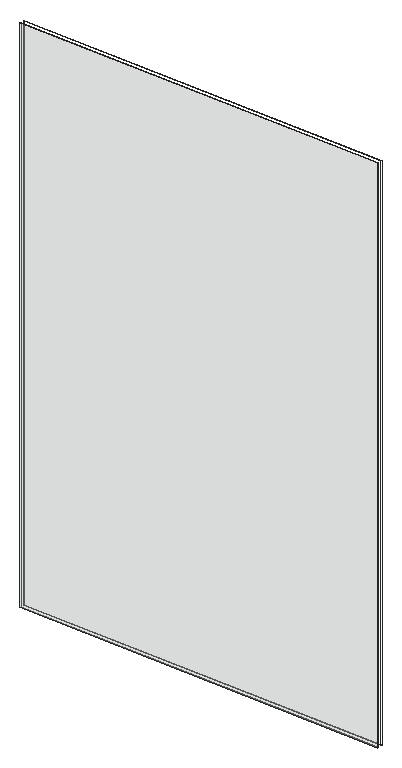
Revit family "Building-Materials_Glass-Glazing_Vitro-Architectural-Glass_SOLARBAN-90", category Curtain Panels, Revit 2026
Family settings
  Classification Number = 23.25.20.14.11.11.17
  Always vertical = Yes
  Cut with Voids When Loaded = No
  Shared = No
Parameters (values of type "Solarban 90 (2) Clear + Clear")
  Visual Light Transmittance = if(Glass Code = 1, 0.51, if(Glass Code = 2, 0.54, if(Glass Code = 3, 0.53, 0)))  # 0.51
  UV Light Transmittance = 0.7
  URL = "https://www.vitroglazings.com/"
  U-Value Argon (Winter Night) = 0.2400 BTU/(h·ft²·°F)
  U-Value Argon (Summer Day) = 0.2100 BTU/(h·ft²·°F)
  U-Value Air (Winter Night) = 0.2900 BTU/(h·ft²·°F)
  U-Value Air (Summer Day) = 0.2700 BTU/(h·ft²·°F)
  Total Thickness = Airspace Thickness + [1st Lite Thickness] + [2nd Lite Thickness]  # 0' - 1"
  Thermal Resistance (R) = 8.3333 (h·ft²·°F)/BTU  # constant formula
  Solar Light Transmittance = 0.19
  Solar Heat Gain Coefficient = if(Glass Code = 1, 0.23, if(Glass Code = 2, 0.23, if(Glass Code = 3, 0.23, 0)))  # 0.23
  Shadow Coefficient = 0.27
  Reflectance (Visible Interior) = 19
  Reflectance (Visible Exterior) = 12
  Product data url = "https://www.bimobject.com/vitroarchictecturalglass/product/solarban-90-solar-control-low-e-glass"
  Product Page URL = "https://www.vitroglazings.com/products/low-e-glass/solarban-90-glass/"
  Product Guid = "6b442501-76a7-4b4e-a6d4-8c312413fa8a"
  Model = "Solarban 90 (2) Clear + Clear"
  Manufacturer = "Vitro Architectural Glass "  # constant formula
  Light to Solar Gain = 2.22
  Keynote = "08900"  # constant formula
  Interior Glass Material = Vitro Architectural-Glass - Clear
  ISO Damage Weighted Transmittance = 0.357
  Heat Transfer Coefficient (U) = 0.2900 BTU/(h·ft²·°F)  # constant formula
  Glass Code = 1
  Finish = "Glass"  # constant formula
  Exterior Glass Material = Vitro Architectural-Glass - Solarban 90 (2) Clear
  Description = "Developed with the input of architects and in the tradition of the Solarban® family of low‑e glasses, Solarban® 90 glass combines exceptional solar control performance with neutral aesthetics, enabling larger expanses without sacrificing occupant comfort."  # constant formula
  Define Thermal Properties by = Schematic Type
  Assembly Code = "B2020220"
  Analytic Construction = "Low-E double glazing (1/4 in + 1/4 in)"
  Airspace Thickness = 0' - 0 1/2"  # constant formula
  2nd Lite Thickness = 0' - 0 1/4"  # constant formula
  1st Lite Thickness = 0' - 0 1/4"  # constant formula
Types (3): name | Visual Light Transmittance | UV Light Transmittance | Solar Light Transmittance | Shadow Coefficient | Reflectance (Visible Interior) | Reflectance (Visible Exterior) | Model | Light to Solar Gain | Interior Glass Material | ISO Damage Weighted Transmittance | Glass Code | Exterior Glass Material
  Solarban 90 (2) Clear + Clear | 0.51 | 0.7 | 0.19 | 0.27 | 19 | 12 | "Solarban 90 (2) Clear + Clear" | 2.22 | Vitro Architectural-Glass - Clear | 0.357 | 1 | Vitro Architectural-Glass - Solarban 90 (2) Clear
  Solarban 90 (2) Starphire + Starphire | 0.54 | 0.1 | 0.21 | 0.26 | 20 | 13 | "Solarban 90 (2) Starphire + Starphire" | 2.35 | Vitro Architectural-Glass - Starphire | 0.383 | 2 | Vitro Architectural-Glass - Solarban 90 (2) Starphire
  Solarban 90 (2) Acuity + Acuity | 0.53 | 0.9 | 0.2 | 0.27 | 19 | 12 | "Solarban 90 (2) Acuity + Acuity" | 2.3 | Vitro Architectural-Glass - Acuity | 0.375 | 3 | Vitro Architectural-Glass - Solarban 90 (2) Acuity
Reference planes (in)
  plane 1 "Front": y = 0
  plane 2: z = 0
  plane 3 "Center (Left/Right)": x = 0
  plane 4 "Left": x = -32.75106
  plane 5 "Right": x = 32.75106
  plane 6 "Top": z = 96
  plane 7: y = 0.25
  plane 8: y = -0.25
Forms (in)
  Extrusion 1, solid, material "Vitro Architectural-Glass - Clear" <- "Interior Glass Material"
    sketch origin (0, 0.5, 0) x (1, 0, 0) y (0, 1, 0)
      loop
        line (-32.75106, 0) -> (-32.75106, -0.25) -> (32.75106, -0.25) -> (32.75106, 0) -> (-32.75106, 0)
    from 0 to 96
  Extrusion 2, solid, material "Vitro Architectural-Glass - Solarban 90 (2) Clear" <- "Exterior Glass Material"
    sketch origin (0, -0.5, 0) x (1, 0, 0) y (0, 1, 0)
      loop
        line (-32.75106, 0.25) -> (-32.75106, 0) -> (32.75106, 0) -> (32.75106, 0.25) -> (-32.75106, 0.25)
    from 0 to 96
Text (in)
  text "Exterior" at (-54.29358, 31.38743, 0), in view "Ref. Level"
  text "Exterior" at (480, 41.53993, 89.60405), in view "Right"
  text "Exterior" at (-240, 57.82419, 105.78864), in view "Left"
Dimensions and locks (in)
  equal spacing: plane 4 "Left", plane 3 "Center (Left/Right)", plane 5 "Right"
  "2nd Lite Thickness": Extrusion 2 sketch curve to Extrusion 2 sketch curve
  equal spacing: plane 7, plane 1 "Front", plane 8
  "Airspace Thickness": plane 7 to plane 8
  "1st Lite Thickness": Extrusion 1 sketch curve to plane 7
  "Total Thickness": Extrusion 2 to Extrusion 1
  aligned and locked: level to plane 2
  aligned and locked: Extrusion 1 sketch curve to plane 4 "Left"
  aligned and locked: plane 5 "Right" to Extrusion 1 sketch curve
  aligned and locked: plane 5 "Right" to Extrusion 2 sketch curve
  aligned and locked: Extrusion 2 sketch curve to plane 4 "Left"
  aligned and locked: Extrusion 1 to plane 6 "Top"
  aligned and locked: Extrusion 1 to level
  aligned and locked: Extrusion 2 to plane 6 "Top"
  aligned and locked: Extrusion 2 to level
  aligned and locked: plane 8 to Extrusion 2
  aligned and locked: plane 7 to Extrusion 1 sketch curve
  aligned and locked: Extrusion 2 sketch curve to plane 8
